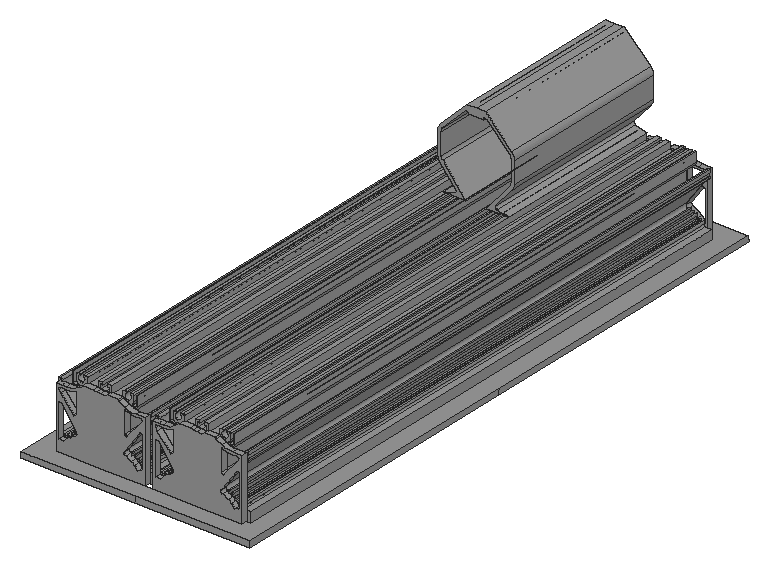
Revit family "L-street 48 Standart", category Осветительные приборы, Revit 2017 (continued)
Parameters
    .9 328.8 328 326.8 325.6 323.9 321.9 319.6 317 314.2 311.4 308.7 305.8 302.6 299 294.5 289.6 284.3 279.2 274.1 269.9 266.3 263.1 259.5 255.2 249.8 244 237.6 230.5 222.2 213.2 202.5 190.1 174.5 155.5 132.5 109.6 90.7 78 69.1 62.8 57 50.9 46.2 43.3 41.5 40.3 39.3 38.3 37.1 36 34.8 33.6 31.9 30.3 28.9 27.7 26.6 25.9 25.5 25.4 25.6 25.5 25.2 24.9 24.4 23.8 22.8 21.6 20.2 18.7 17.4 16.1 15 14.1 13.3 12.3 11.2 10.2 9 8 6.9 6 5.1 3.8 3 2.5 2.2 2.1 1.9 1.9\r\n328.9 328.9 328.2 327.1 325.7 324 322.1 319.8 317.3 314.4 311.6 308.9 305.9 302.7 299 294.5 289.5 284.1 278.8 273.5 269 265.2 261.9 258.1 253.6 248.1 242.1 235.5 228.2 219.8 210.5 199.7 186.9 170.9 151.6 128.7 106.5 88.7 77 68.5 62.4 56.6 50.7 46.1 43.2 41.6 40.4 39.5 38.4 37.3 36.1 35 33.7 32 30.4 29 27.9 27 26.4 26.2 26.3 26.2 25.7 25.3 24.9 24.5 23.9 23 21.7 20.3 18.8 17.4 16.1 15.1 14.2 13.3 12.2 11.2 10.1 8.9 7.8 6.6 5.5 4.6 3.7 3 2.6 2.2 2.1 1.9 1.9\r\n328.9 328.9 328.4 327.3 325.8 324.1 322.3 320 317.5 314.7 311.9 309.1 306.1 302.8 299 294.4 289.4 283.8 278.3 272.9 268.2 264.1 260.6 256.7 252 246.4 240.3 233.4 226 217.4 207.9 196.8 183.7 167.4 147.8 124.9 103.3 86.7 75.9 67.9 62 56.3 50.4 46 43.1 41.6 40.5 39.7 38.5 37.5 36.3 35.3 33.8 32.1 30.5 29.2 28.1 27.3 26.9 27 27.1 26.8 26 25.4 25 24.6 24 23.1 21.9 20.4 18.9 17.3 16.1 15.2 14.2 13.2 12.2 11.1 9.9 8.8 7.7 6.3 5 4.1 3.5 3 2.6 2.3 2.1 1.9 1.9\r\n328.9 328.8 328 326.9 325.4 323.7 321.8 319.4 316.9 314 311.2 308.4 305.4 302 298.2 293.5 288.4 282.7 277.2 271.7 267 263.1 259.6 255.6 250.7 244.9 238.7 231.9 224.4 215.9 206.4 195.2 181.8 165.1 144.9 121.7 100.3 84.5 74.4 66.8 61 55.1 49.4 45.3 42.7 41.4 40.3 39.4 38.3 37.2 36.1 35 33.4 31.6 30.1 28.9 27.8 27.2 27 27.1 27.1 26.6 25.8 25.2 24.9 24.6 23.9 23 21.8 20.3 18.7 17.2 15.9 14.9 14 13.1 12 11 9.7 8.5 7.3 6.1 4.7 4 3.4 2.9 2.5 2.2 2.1 2 1.9\r\n328.9 328.5 327.5 326.2 324.6 322.9 320.9 318.6 316 313 310.4 307.9 305.3 302.1 298.2 293.2 287.9 282 276.4 270.7 265.6 261.1 257.3 253.3 249.2 244.1 238.7 232.6 225.9 218.2 209.8 200.4 190.6 178.9 165.2 148.6 130 110.3 93 79.2 69.6 62.4 56.1 49.4 44.1 41.6 40.4 39.7 39 38.2 37.2 36.2 35.2 33.6 31.9 30.4 29.1 28.1 27.3 27 26.9 26.7 26.1 25.2 24.6 24.3 24 23.3 22.2 20.7 19.3 17.8 16.4 15 13.8 13 12.1 11.1 10.2 9.1 8 6.9 5.8 4.8 4.2 3.6 3.2 3 2.7 2.6 2.5\r\n328.9 328.4 327.3 326 324.3 322.5 320.5 318.1 315.4 312.5 309.9 307.4 304.6 301.3 297.2 292.3 287 281.2 275.6 270.1 265.1 260.7 256.8 252.8 248.4 243.2 237.7 231.4 224.4 216.4 207.8 198.1 187.8 175.4 161 143.6 124.8 105.8 89.4 76.7 67.7 60.5 54.2 47.9 43.5 41.4 40.3 39.7 39 38.1 37.2 36.1 35 33.4 31.7 30.3 29.1 28.1 27.4 27.1 27 26.7 26.1 25.3 24.8 24.4 23.9 23.2 22 20.5 19.1 17.7 16.3 14.9 13.9 13 12.1 11.1 10.1 9.1 8 6.9 5.8 4.9 4.3 3.7 3.3 3 2.8 2.6 2.5\r\n328.9 328.2 327.1 325.7 324 322.1 320 317.5 314.8 311.9 309.4 306.9 304 300.5 296.3 291.4 286.2 280.3 274.8 269.4 264.6 260.3 256.3 252.3 247.6 242.3 236.6 230.1 222.9 214.6 205.8 195.8 185 171.9 156.7 138.7 119.7 101.2 85.8 74.2 65.7 58.6 52.2 46.5 43 41.2 40.3 39.7 38.9 38 37.1 36 34.8 33.2 31.5 30.3 29.1 28.2 27.5 27.2 27 26.8 26.1 25.4 24.9 24.5 23.9 23 21.8 20.3 18.9 17.5 16.2 14.9 14 13 12.1 11.1 10.1 9.1 8.1 7 5.8 4.9 4.3 3.7 3.3 3 2.8 2.7 2.5\r\n328.9 328.3 327.3 325.8 324.2 322.3 320.3 317.9 315.2 312.4 309.7 307.2 304.5 301.2 297.2 292.4 287.2 281.6 276.1 270.8 266 261.5 257.7 253.7 249.3 244.2 238.6 232.2 225.2 217.1 208.5 199 188.7 176.4 162.1 145.1 126.5 107.5 90.8 77.6 68.4 61 54.5 48.3 44.1 41.7 40.5 39.7 39 38.2 37.2 36.1 35 33.6 32 30.6 29.3 28.3 27.4 26.9 26.7 26.4 26 25.4 24.9 24.6 24 23.3 22.1 20.7 19.2 17.7 16.4 15 14 13.1 12.2 11.2 10.2 9.2 8.2 7.2 6.2 5.3 4.7 3.9 3.3 2.9 2.7 2.5 2.4\r\n328.9 328.4 327.4 326 324.3 322.5 320.5 318.3 315.6 312.8 310 307.5 304.9 301.9 298 293.4 288.2 282.8 277.4 272.1 267.3 262.8 259.1 255.2 251.1 246.1 240.6 234.4 227.5 219.7 211.3 202.1 192.3 180.9 167.5 151.5 133.3 113.8 95.7 81 71.2 63.5 56.7 50.1 45.2 42.2 40.7 39.8 39.1 38.3 37.2 36.3 35.2 34 32.4 30.9 29.6 28.5 27.4 26.6 26.3 26.1 25.9 25.5 25 24.7 24.2 23.5 22.4 21 19.5 17.9 16.6 15.2 14.1 13.2 12.3 11.3 10.3 9.3 8.4 7.5 6.5 5.8 5 4.1 3.4 2.9 2.6 2.4 2.4\r\n328.9 328.5 327.5 326 324.4 322.6 320.7 318.6 316 313.3 310.5 308 305.6 302.7 299.2 294.9 290.1 285 279.8 274.6 269.8 265.3 261.5 257.8 253.8 249 243.7 237.7 231.2 223.7 215.6 206.5 196.9 185.9 173.2 157.7 140 120.3 101.3 85.2 74 65.7 58.7 51.9 46.6 43.1 41.1 39.9 39.1 38.3 37.2 36.2 35.1 33.9 32.4 31 29.5 28.3 27.2 26.3 25.7 25.4 25.1 24.8 24.6 24.4 24 23.2 22.1 20.8 19.3 17.9 16.5 15.2 13.9 12.9 11.9 11 10.1 9.3 8.6 7.8 6.7 5.8 5 4.1 3.3 2.9 2.6 2.5 2.4\r\n328.9 328.5 327.5 326.1 324.4 322.8 320.9 318.8 316.4 313.8 311 308.5 306.2 303.6 300.5 296.5 292.1 287.1 282.2 277.1 272.3 267.8 264 260.3 256.5 251.9 246.8 241.1 234.9 227.7 219.8 210.9 201.5 191 178.9 164 146.7 126.9 106.9 89.3 76.8 67.9 60.6 53.7 48 43.9 41.5 40 39.1 38.3 37.3 36.1 34.9 33.8 32.4 31.1 29.5 28.1 26.9 26 25 24.6 24.4 24.2 24.2 24.1 23.8 22.9 21.8 20.5 19.2 17.9 16.5 15.3 13.7 12.6 11.5 10.6 9.8 9.3 8.9 8.1 6.8 5.9 4.9 4.1 3.3 2.9 2.7 2.5 2.5\r\n328.9 328.4 327.3 326 324.3 322.6 320.8 318.7 316.4 313.8 311.2 308.8 306.7 304.2 301.3 297.6 293.4 288.7 283.9 279 274.4 270.1 266.3 262.8 259.2 254.8 249.9 244.4 238.4 231.5 223.8 215.2 206.2 196 184.4 170.1 153.6 134.3 114.3 95.5 81.4 71.2 63.5 56.4 50.4 45.7 42.6 40.7 39.6 38.6 37.6 36.3 35.1 33.8 32.4 31.1 29.6 28.3 27.1 26 25 24.3 23.8 23.4 23.2 22.9 22.6 22 21.2 20 18.8 17.4 16.1 15.1 14 13.1 12.3 11.5 10.5 9.7 8.9 8.1 6.9 5.8 4.6 3.9 3.2 2.9 2.8 2.6 2.5\r\n328.9 328.3 327.1 325.8 324.1 322.5 320.7 318.6 316.4 313.8 311.4 309.2 307.1 304.9 302.1 298.7 294.7 290.2 285.7 281 276.6 272.4 268.7 265.3 261.9 257.7 253.1 247.7 242 235.3 227.9 219.6 210.8 201 189.9 176.3 160.5 141.7 121.6 101.8 85.9 74.6 66.3 59.1 52.7 47.5 43.8 41.4 40 38.9 37.9 36.5 35.2 33.8 32.4 31 29.7 28.6 27.2 26.1 24.9 24 23.3 22.6 22.1 21.8 21.4 21.2 20.5 19.5 18.3 16.9 15.7 14.9 14.2 13.6 13.1 12.3 11.2 10 8.9 8.1 7 5.7 4.3 3.7 3.2 3 2.9 2.6 2.6\r\n328.9 328.3 327.2 325.9 324.3 322.7 320.9 319 316.9 314.4 312.1 310 308.1 306.1 303.7 300.8 297.1 292.9 288.6 284.1 279.9 275.8 272.2 268.8 265.6 261.8 257.7 252.8 247.5 241.3 234.6 226.9 218.6 209.2 199 186.4 171.7 154 134.3 113.6 95.5 81.3 71.5 63.4 56.6 50.7 46.2 43.1 41.1 39.6 38.4 36.9 35.4 33.9 32.5 31.1 29.7 28.5 27.4 26.2 25.1 24 23.2 22.3 21.7 21.2 20.8 20.3 19.7 18.9 17.9 16.7 15.8 15.2 14.7 14.4 13.9 13.3 12.3 11.3 10.2 8.7 6.7 5.4 4.3 3.7 3.2 3 2.9 2.7 2.7\r\n328.9 328.4 327.3 326 324.4 322.9 321.1 319.4 317.4 315 312.8 310.8 309.1 307.4 305.4 302.8 299.5 295.5 291.5 287.2 283.3 279.3 275.7 272.3 269.3 266 262.3 257.9 253 247.4 241.2 234.1 226.3 217.5 208 196.5 182.9 166.3 147.1 125.4 105 88.1 76.6 67.8 60.4 53.9 48.7 44.8 42.1 40.3 38.9 37.2 35.6 34.1 32.7 31.2 29.7 28.5 27.5 26.4 25.3 24.1 23.1 22 21.2 20.6 20.1 19.5 18.9 18.2 17.4 16.6 15.9 15.5 15.3 15.1 14.8 14.2 13.5 12.6 11.4 9.4 6.5 5.1 4.3 3.7 3.2 3.1 3 2.8 2.8\r\n328.9 328.3 327.3 326.1 324.5 323.1 321.5 319.9 318 315.9 313.8 311.8 310.2 308.7 307.1 304.9 302 298.5 294.9 291.1 287.4 283.8 280.3 277.1 274.1 271 267.8 263.9 259.6 254.7 249.2 243.1 236.3 228.6 220.2 209.9 197.9 183.1 166 145.9 125.1 104.9 88.8 76.6 67.5 59.9 53.7 48.7 45.1 42.3 40.2 38.2 36.2 34.5 33 31.5 30.1 28.7 27.5 26.3 25.2 24.1 23 21.9 21.1 20.5 20 19.5 18.9 18.2 17.3 16.6 16 15.7 15.4 15.1 14.9 14.4 13.5 12.1 10 8 6.1 4.8 4.1 3.6 3.2 3.1 2.9 2.8 2.7\r\n328.9 328.2 327.4 326.1 324.6 323.3 321.8 320.3 318.6 316.8 314.8 312.8 311.3 310.1 308.8 306.9 304.5 301.5 298.2 294.9 291.5 288.2 285 281.8 278.9 276.1 273.3 270 266.3 261.9 257.2 252 246.3 239.7 232.4 223.4 212.9 199.9 184.8 166.5 145.2 121.8 101 85.3 74.6 66 58.7 52.7 48 44.3 41.6 39.1 36.8 34.9 33.4 31.8 30.4 28.9 27.5 26.3 25.1 24.1 22.8 21.8 20.9 20.4 19.9 19.4 18.9 18.1 17.3 16.7 16.2 15.8 15.4 15.2 15 14.6 13.6 11.7 8.6 6.6 5.6 4.6 3.8 3.4 3.2 3 2.9 2.7 2.6\r\n328.9 328.3 327.4 326.2 324.8 323.4 322 320.6 319 317.4 315.6 313.9 312.5 311.5 310.4 308.9 306.9 304.4 301.6 298.6 295.6 292.6 289.8 286.9 284.2 281.5 279 276.2 273.3 269.9 266.1 262 257.3 251.7 245.1 237 227.8 216.7 204.1 188.6 170.2 148.3 126.2 105.7 89.6 77.4 68.1 60.4 54.4 49.5 45.8 42.4 39.3 36.7 34.7 32.8 31.2 29.8 28.4 27 25.7 24.5 23.2 22.1 21.1 20.5 19.9 19.4 18.9 18.2 17.5 16.7 16 15.5 15 14.6 14.2 13.4 11.8 9.7 7.6 6.3 5.3 4.5 3.8 3.6 3.4 3.2 3 3 2.8\r\n328.9 328.3 327.4 326.2 324.9 323.6 322.2 320.9 319.5 318 316.4 315 313.8 312.9 312.1 310.8 309.3 307.3 304.9 302.3 299.6 297 294.5 292 289.5 287 284.7 282.4 280.3 277.8 275.1 271.9 268.3 263.8 257.9 250.7 242.6 233.5 223.3 210.6 195.1 174.9 151.4 126.1 104.5 88.7 77.6 68.2 60.9 54.7 49.9 45.6 41.7 38.6 36 33.8 32 30.6 29.3 27.7 26.2 24.8 23.6 22.4 21.3 20.5 19.8 19.4 18.9 18.4 17.7 16.7 15.8 15.2 14.6 14 13.3 12.2 9.9 7.6 6.6 5.9 5 4.3 3.8 3.7 3.5 3.3 3.2 3.2 3\r\n328.9 328.3 327.4 326.3 325 323.7 322.5 321.2 320 318.6 317.3 316.1 315 314.2 313.4 312.5 311.4 309.9 307.9 305.7 303.4 301 298.8 296.6 294.4 292.1 289.9 288.1 286.4 284.6 282.4 279.7 276.6 272.6 267.4 261 253.8 245.6 236.3 224.9 211.2 193.4 172.2 147.7 123.9 103.1 87.6 76 67.4 60.2 54.5 49.3 44.7 41 37.8 35.2 33 31.4 30 28.5 27.2 25.8 24.4 23.1 21.8 20.9 20.1 19.4 18.7 18.1 17.5 16.5 15.5 14.7 13.9 13.1 11.9 10.4 8.7 7.1 6.1 5.4 4.6 4.1 3.7 3.6 3.4 3.2 3.2 3.1 3\r\n328.9 328.3 327.3 326.3 325 323.9 322.8 321.6 320.6 319.3 318.3 317.2 316.3 315.4 314.8 314.2 313.5 312.4 310.9 309.1 307.1 305 303.1 301.2 299.3 297.1 295.2 293.7 292.5 291.3 289.7 287.5 284.9 281.3 276.8 271.4 265 257.6 249.3 239.1 227.3 211.9 193 169.4 143.3 117.6 97.7 83.8 73.9 65.8 59 53 47.7 43.4 39.6 36.7 34.1 32.2 30.6 29.4 28.2 26.8 25.2 23.7 22.3 21.3 20.3 19.4 18.5 17.8 17.3 16.4 15.2 14.2 13.3 12.2 10.5 8.6 7.4 6.5 5.7 4.9 4.2 3.8 3.5 3.4 3.3 3.1 3.1 3 2.9\r\n328.9 328.3 327.4 326.4 325.2 324.1 323.1 322.1 321.2 320.1 319.3 318.4 317.7 317 316.6 316.2 315.9 315.2 314.4 313 311.5 309.9 308.3 306.8 305.2 303.5 302.1 300.8 299.7 298.6 297.2 295.3 292.9 289.7 285.7 281.1 276 270 263.3 255 245.6 233.5 218.8 200 177.9 153.4 130.2 109.4 92.8 80.1 70.9 63 56.2 50.5 45.6 41.7 38.3 35.6 33.4 31.6 29.9 28.4 26.9 25.3 23.8 22.3 21 19.8 18.6 17.6 16.7 15.6 14.5 13.5 12.3 10.9 9.4 8.1 7 6.3 5.4 4.7 4.1 3.8 3.5 3.4 3.3 3.2 3.1 3 2.8\r\n328.9 328.3 327.4 326.4 325.4 324.3 323.4 322.5 321.8 320.9 320.3 319.7 319.1 318.5 318.3 318.2 318.2 318.1 317.8 317 315.9 314.8 313.6 312.3 311.2 309.9 308.9 307.9 306.9 305.9 304.7 303.1 301 298.1 294.6 290.8 286.9 282.5 277.3 270.8 263.9 255.2 244.7 230.6 212.5 189.1 162.7 134.9 111.7 94.5 82.7 73 64.7 57.6 51.6 46.8 42.5 39.1 36.2 33.7 31.7 30.1 28.6 26.9 25.2 23.3 21.7 20.2 18.8 17.3 16.1 14.8 13.8 12.7 11.4 9.7 8.2 7.5 6.7 6 5.1 4.5 4 3.7 3.5 3.4 3.3 3.2 3 2.9 2.7\r\n328.9 328.3 327.5 326.5 325.6 324.6 323.8 323 322.4 321.8 321.3 320.8 320.5 320.2 320.1 320.1 320.3 320.4 320.5 320.3 319.8 319.2 318.4 317.6 316.8 316 315.3 314.6 313.6 312.5 311.3 309.7 308.1 306.1 303.8 301.2 298.2 294.8 290.9 286.1 280.7 273.9 265.8 255.1 241.4 223 201.1 175.6 150.5 127.1 107.9 92.1 79.9 70.7 62.9 56.5 51 46.3 42.3 38.9 35.9 33.5 31.4 29.3 27.4 25.4 23.4 21.5 19.6 17.9 16.4 14.9 13.5 12.2 10.7 9.2 8 7.3 6.5 5.8 5 4.4 4 3.7 3.5 3.4 3.2 3.1 3.1 2.9 2.7\r\n328.9 328.3 327.5 326.5 325.7 324.8 324.2 323.4 323 322.6 322.2 322 322 321.8 321.8 322 322.3 322.8 323.3 323.7 323.7 323.6 323.3 322.8 322.4 322 321.7 321.3 320.4 319.2 317.8 316.4 315.1 314.1 313 311.5 309.4 307.1 304.5 301.5 297.5 292.5 286.9 279.6 270.3 256.9 239.5 216.4 189.4 159.8 133 111.1 95.1 83.7 74.1 66.2 59.4 53.5 48.3 44 40.1 36.9 34.1 31.7 29.6 27.5 25.2 22.8 20.5 18.5 16.7 15 13.2 11.6 10 8.6 7.8 7.1 6.3 5.6 4.9 4.3 4 3.7 3.5 3.4 3.2 3.1 3.1 2.9 2.8\r\n328.9 328.3 327.5 326.7 325.9 325.2 324.5 323.9 323.6 323.4 323.2 323.2 323.3 323.4 323.6 323.9 324.4 325 325.8 326.6 327.2 327.7 328.1 328.2 328.3 328.2 328.2 328 327.5 326.6 325.7 324.7 323.8 322.9 322.2 321.6 320.8 319.8 318.3 316.3 313.8 310.2 306.1 300.8 294 284.6 272.4 256 236.1 212.2 187.5 162.7 139.2 118.7 101.4 88.7 78.9 70.9 63.7 57.4 51.7 46.9 42.7 39.2 36.1 33.2 30.4 27.8 25.1 22.3 19.4 16.8 14.5 12.4 10.5 8.9 7.9 7.1 6.3 5.6 4.9 4.5 4.1 3.9 3.6 3.5 3.3 3.1 3.1 3 2.8\r\n328.9 328.3 327.6 326.8 326.1 325.5 324.8 324.4 324.2 324.1 324.1 324.3 324.6 325 325.3 325.8 326.4 327.3 328.4 329.6 330.7 331.8 332.9 333.7 334.2 334.4 334.6 334.6 334.5 334.1 333.6 333 332.4 331.8 331.3 331.6 332.2 332.4 332.1 331.2 330 327.9 325.3 322 317.7 312.2 305.2 295.6 282.7 264.7 242.1 214.3 183.2 153.7 128.6 111.1 98.4 88.2 79 70.7 63.4 57 51.4 46.8 42.7 38.9 35.6 32.7 29.8 26.2 22.1 18.6 15.7 13.2 11.1 9.2 7.9 7.2 6.3 5.5 5 4.6 4.2 4 3.8 3.6 3.4 3.2 3.1 3 2.8\r\n328.9 328.3 327.6 326.9 326.3 325.7 325.2 324.9 324.8 324.9 325 325.4 326 326.6 327.2 327.9 328.7 329.8 331 332.6 334.1 335.5 337 338.3 339.4 340.2 341 341.5 341.9 341.9 341.8 341.8 341.8 341.7 341.7 342.2 343 343.7 344.4 345.1 345.4 345 343.8 342.1 339.5 336.2 332 326 317.8 306.3 291.8 272.9 250.1 225.3 199.7 176 153.2 132.7 115.4 102.1 91 81.4 73 66.1 60 54.7 49.9 45.4 40.9 37.4 33.4 27.5 20.8 15.8 12.1 9.5 8.1 7.3 6.3 5.6 5.1 4.7 4.4 4.1 3.9 3.7 3.5 3.3 3.1 3 2.7\r\n328.9 328.2 327.6 327 326.5 326 325.6 325.4 325.5 325.6 325.9 326.5 327.4 328.1 329.1 330 331 332.3 333.7 335.5 337.4 339.2 341.1 342.9 344.6 346.1 347.5 348.4 349.2 349.6 349.9 350.6 351.2 351.6 352.1 352.8 353.7 354.9 356.8 359 360.9 362.1 362.4 362.1 361.3 360.3 358.8 356.4 352.9 348 341.5 331.6 316.9 296.9 270.9 241 207.9 177.1 151.8 133.4 118.6 105.9 94.6 85.5 77.4 70.4 64.2 58.1 52 48.5 44.8 36.4 26 18.3 13.2 9.7 8.3 7.3 6.4 5.7 5.3 4.9 4.6 4.3 4.1 3.8 3.5 3.3 3.2 3 2.7\r\n328.9 328.3 327.7 327.2 326.8 326.4 326.2 326.3 326.5 326.9 327.5 328.4 329.4 330.3 331.5 332.7 334.1 335.7 337.3 339.3 341.4 343.4 345.5 347.5 349.5 351.4 353.2 354.6 355.8 356.9 357.9 359.1 360.2 361.2 362.3 363.5 364.9 366.5 368.5 370.5 372.5 374.4 376.3 378.1 379.5 380.6 381.1 380.8 379.8 377.7 374.3 368.4 359.1 345.9 327.7 304.5 276.1 244.7 213.5 184.8 160.1 139.8 123.9 110.7 99.4 89.4 80.7 71.9 63.8 57.1 47.7 34.1 23.6 16.2 11.8 9.4 8.2 7.2 6.4 5.9 5.4 5.1 4.8 4.4 4.1 3.9 3.6 3.4 3.3 2.9 2.6\r\n328.9 328.4 327.8 327.4 327 326.9 326.9 327.2 327.6 328.2 329.1 330.2 331.3 332.5 334 335.4 337.2 339 341 343.1 345.3 347.6 349.9 352 354.4 356.8 359 360.8 362.5 364.2 365.9 367.5 369.2 370.8 372.5 374.2 376.1 378 380.1 382 384 386.7 390.2 394.1 397.7 400.9 403.4 405.2 406.6 407.4 407 405.2 401.4 394.8 384.5 368.1 344.3 312.2 275.1 236.1 201.6 173.7 153.2 135.9 121.4 108.5 97.3 85.7 75.7 65.8 50.7 31.8 21.2 14.2 10.5 9.1 8.1 7.1 6.5 6 5.6 5.2 4.9 4.5 4.2 4 3.7 3.5 3.3 2.8 2.6\r\n328.9 328.4 328 327.6 327.4 327.3 327.5 327.8 328.4 329.1 330.1 331.2 332.5 333.9 335.4 337.2 339.2 341.2 343.4 345.6 347.9 350.2 352.5 354.9 357.5 360.1 362.7 365 367.3 369.6 372.1 374.5 376.9 379.4 381.9 384.5 387.2 389.9 392.3 394.5 396.5 399.1 402.4 406.4 411 415.7 420.8 426.1 431.7 436.7 440.9 444 445.9 446.2 443.7 437 425.2 407 383.2 354.1 322 286.4 250 212.6 180.4 154.2 132.7 112.6 94.8 76.3 53.5 33.6 22.7 15 11.3 9.9 8.7 7.7 7.1 6.6 6.1 5.7 5.4 4.9 4.6 4.3 4.1 3.9 3.6 3 2.6\r\n328.9 328.5 328.1 327.8 327.8 327.7 328 328.4 329.1 330 331.1 332.3 333.7 335.2 336.9 338.9 341.2 343.5 345.8 348.1 350.4 352.8 355.2 357.7 360.5 363.5 366.3 369.1 372 375.1 378.2 381.4 384.6 387.9 391.4 394.8 398.4 401.7 404.6 406.9 409 411.5 414.6 418.7 424.3 430.5 438.2 447.1 456.7 466 474.8 482.9 490.5 497.5 502.8 506 506 501.8 491.4 472.1 442.3 399.1 346.7 289.2 239.4 199.9 168.1 139.5 114 86.9 56.3 35.4 24.2 15.9 12.1 10.6 9.4 8.3 7.7 7.1 6.6 6.2 5.8 5.3 4.9 4.6 4.4 4.2 3.8 3.1 2.7\r\n328.9 328.5 328.2 328 328 328.1 328.4 329 329.8 330.8 331.9 333.2 334.6 336.2 338.1 340.3 342.7 345.1 347.5 349.9 352.3 354.8 357.2 359.8 362.8 365.8 368.8 371.8 375.1 378.5 382.1 386 390 394.1 398.6 403.2 408.1 412.7 416.8 420.2 423.6 427.4 431.9 437.2 443.6 450.4 458.6 467.8 478.1 488.9 500.4 512.6 525.2 538.3 550.5 561.4 569.2 573.5 573 566 550.8 523.8 483.7 426.3 358.3 287.2 226 175.3 132.2 89.9 55.3 36.1 25 16.8 13 11.4 10.1 9.1 8.4 7.8 7.2 6.8 6.3 5.8 5.4 5.
